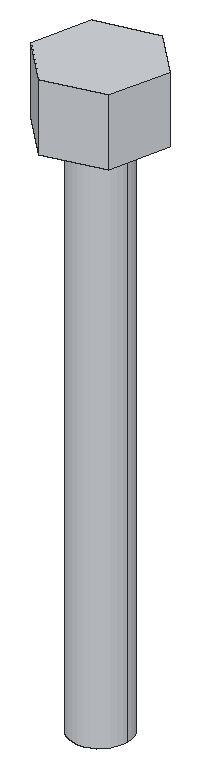
Revit family "050523 - Metal Fastener - Bolts & Screws - Simpson Titan HD - 5_8 X 6", category Generic Models, Revit 2019
Family settings
  Can host rebar = No
  Round Connector Dimension = Use Diameter
  Part Type = Normal
  Work Plane-Based = No
  Always vertical = Yes
  Cut with Voids When Loaded = No
  Shared = No
  Room Calculation Point = No
Parameters
  diameter = 0' - 0 5/8"
  bolt head thickness = 0' - 0 3/4"
  bolt head diameter = 0' - 1.1547"
  Bolt lenght = 0' - 6"
  Bolt Material = none
Reference planes (in)
  plane 1 "Center (Front/Back)": y = 0
  plane 2: z = 0
  plane 3 "Center (Left/Right)": x = 0
  plane 4: z = -6
  plane 5: z = 0.75
Forms (in)
  Extrusion 1, solid, material <- "Bolt Material"
    sketch origin (0, 0, 0) x (1, 0, 0) y (0, 1, 0)
      loop
        circle (0, 0) r 0.3125
    from 0 to -6
  Extrusion 2, solid, material <- "Bolt Material"
    sketch origin (0, 0, 0) x (1, 0, 0) y (0, 1, 0)
      loop
        line (0.64395, 0.17255) -> (0.17255, 0.64395) -> (-0.4714, 0.4714) -> (-0.64395, -0.17255) -> (-0.17255, -0.64395) -> (0.4714, -0.4714) -> (0.64395, 0.17255)
    from 0 to 0.75
Dimensions and locks (in)
  "Bolt lenght": level to plane 4
  "bolt head thickness": plane 5 to level
  "diameter": diameter of Extrusion 1 sketch curve
  aligned and locked: plane 2 to level
  aligned and locked: level to Extrusion 1
  aligned and locked: Extrusion 1 to plane 4
  aligned and locked: Extrusion 2 to level
  aligned and locked: plane 5 to Extrusion 2
Automatic sketch dimensions
  plane 1 "Center (Front/Back)" to Extrusion 2 sketch curve = 0' - 0.17255"
  Extrusion 2 sketch curve to plane 3 "Center (Left/Right)" = 0' - 0.64395"
  Extrusion 2 sketch curve to plane 3 "Center (Left/Right)" = 0' - 0.4714"
  Extrusion 2 sketch curve to plane 3 "Center (Left/Right)" = 0' - 0.17255"
  Extrusion 2 sketch curve to plane 1 "Center (Front/Back)" = 0' - 0.17255"
  plane 3 "Center (Left/Right)" to Extrusion 2 sketch curve = 0' - 0.17255"
  Extrusion 2 sketch curve to plane 1 "Center (Front/Back)" = 0' - 0.4714"
  Extrusion 2 sketch curve to plane 1 "Center (Front/Back)" = 0' - 0.64395"
  plane 3 "Center (Left/Right)" to Extrusion 2 sketch curve = 0' - 0.4714"
  plane 3 "Center (Left/Right)" to Extrusion 2 sketch curve = 0' - 0.64395"
  plane 1 "Center (Front/Back)" to Extrusion 2 sketch curve = 0' - 0.4714"
  plane 1 "Center (Front/Back)" to Extrusion 2 sketch curve = 0' - 0.64395"
  plane 1 "Center (Front/Back)" to Extrusion 1 sketch curve = 0' - 0"
  Extrusion 1 sketch curve to plane 3 "Center (Left/Right)" = 0' - 0"
